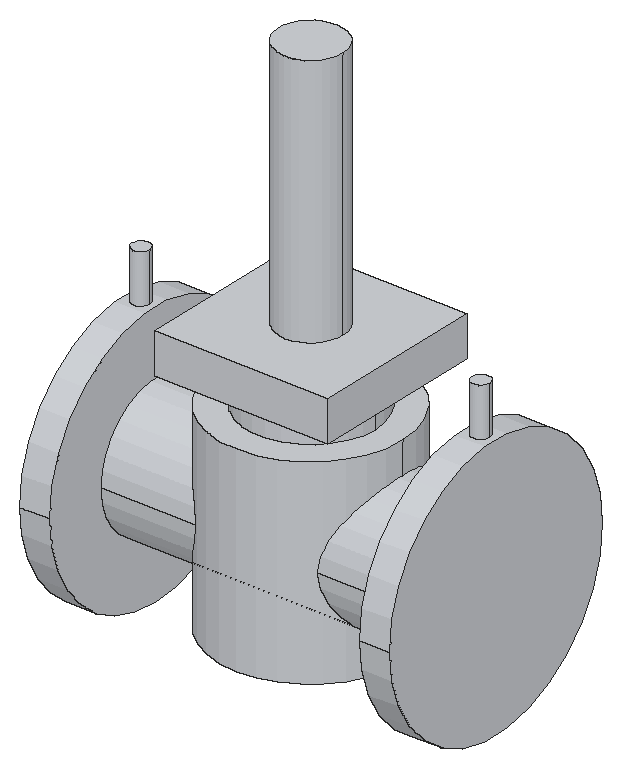
Revit family "OPTIMA_Compact_FLANGE_PN25_DN050-LF_RFA_2019", category Pipe Accessories, Revit 2019
Family settings
  Round Connector Dimension = Use Diameter
  Part Type = Valve - Breaks Into
  Work Plane-Based = No
  Always vertical = Yes
  Cut with Voids When Loaded = No
  Shared = No
Parameters (values of type "Optima Compact Flange PN25 DN050 LF")
  magiProductId = "Frese Optima Flange DN050 LF"
  magiProductFamilyId = "Frese Optima Flange *"
  magiPartTypeId = 304
  isMeasuringValve [instance] = no
  ang2D [instance] = 0.00°
  W2D = 50 mm
  VersionID = "2.0/2018.8.28.1/FRESE_OPTIMA_FLANGE_Q13_002"
  Use Minimum Symbol Size [instance] = yes
  URL = "www.hydronic.cz"
  Type Comments = "Přírubový; PN25; 0~120°C, s měřením"
  R4 = 40.3 mm
  R3 = 42.9 mm
  R1 = 57.5 mm
  QmdConnectorList = "301;D;302;D"
  Productdata [instance] = ""
  Manufacturer = "Hydronic Systems Prague s.r.o."
  MC Product Code = "53-1220 (DN50 LF; 20mm; pohon min 1000N; Qmin-dpmin 2500l/h-6.5kPa; Qmax-dpmin 15000l/h-20.0kPa; dpmax 800kPa)"
  MC Piping Given Pressure Drop [instance] = 0.0 Pa
  LF__ve = -LF  # -18.4 mm
  LF2 = 9.2 mm
  LF = 18.4 mm
  L4 = 108.1 mm
  L3 = 193.2 mm
  L2D_Min = 3048 mm
  L2D = 230 mm
  L2 = 115 mm
  H6 = 157.3 mm
  H4 = 24.8 mm
  H3 = 20.6 mm
  H2 = 61.9 mm
  H1 = 123.8 mm
  Description = "Tlakově nezávislý 2-cestný regulační vyvažovací ventil (PICV)"
  DF2 = 82.5 mm
  D = 50 mm
  CAT0 = yes
Types (14, lengths in mm): name | magiProductId | magiProductFamilyId | W2D | Type Comments | R4 | R3 | R1 | MC Product Code | LF__ve | LF2 | LF | L4 | L3 | L2D | L2 | H6 | H4 | H3 | H2 | H1 | DF2 | D
  Optima Compact Flange PN25 DN050 LF | "Frese Optima Flange DN050 LF" | "Frese Optima Flange *" | 50 | "Přírubový; PN25; 0~120°C, s měřením" | 40.3 | 42.9 | 57.5 | "53-1220 (DN50 LF; 20mm; pohon min 1000N; Qmin-dpmin 2500l/h-6.5kPa; Qmax-dpmin 15000l/h-20.0kPa; dpmax 800kPa)" | -18.4 | 9.2 | 18.4 | 108.1 | 193.2 | 230 | 115 | 157.3 | 24.8 | 20.6 | 61.9 | 123.8 | 82.5 | 50
  Optima Compact Flange PN25 DN050 HF | "Frese Optima Flange DN050 HF" | "Frese Optima Flange *" | 50 | "Přírubový; PN25; 0~120°C, s měřením" | 40.25 | 42.9 | 57.5 | "53-1230 (DN50 HF; 20mm; pohon min 1000N; Qmin-dpmin 3900l/h-19.0kPa; Qmax-dpmin 24000l/h-50.0kPa; dpmax 800kPa)" | -18.4 | 9.2 | 18.4 | 108.1 | 193.2 | 230 | 115 | 157.25 | 24.75 | 20.625 | 61.875 | 123.75 | 82.5 | 50
  Optima Compact Flange PN25 DN065 LF | "Frese Optima Flange DN065 LF" | "Frese Optima Flange *" | 50 | "Přírubový; PN25; 0~120°C, s měřením" | 50.75 | 48.1 | 72.5 | "53-1221 (DN65 LF; 20mm; pohon min 1000N; Qmin-dpmin 4400l/h-15.0kPa; Qmax-dpmin 25000l/h-25.0kPa; dpmax 800kPa)" | -23.2 | 11.6 | 23.2 | 136.3 | 243.6 | 230 | 145 | 171.25 | 27.75 | 23.125 | 69.375 | 138.75 | 92.5 | 65
  Optima Compact Flange PN25 DN065 HF | "Frese Optima Flange DN065 HF" | "Frese Optima Flange *" | 50 | "Přírubový; PN25; 0~120°C, s měřením" | 50.75 | 48.1 | 72.5 | "53-1231 (DN65 HF; 20mm; pohon min 1000N; Qmin-dpmin 6000l/h-30.0kPa; Qmax-dpmin 35000l/h-55.0kPa; dpmax 800kPa)" | -23.2 | 11.6 | 23.2 | 136.3 | 243.6 | 230 | 145 | 171.25 | 27.75 | 23.125 | 69.375 | 138.75 | 92.5 | 65
  Optima Compact Flange PN25 DN080 LF | "Frese Optima Flange DN080 LF" | "Frese Optima Flange *" | 50 | "Přírubový; PN25; 0~120°C, s měřením" | 54.25 | 52 | 77.5 | "53-1222 (DN80 LF; 20mm; pohon min 1000N; Qmin-dpmin 5300l/h-16.0kPa; Qmax-dpmin 34000l/h-25.0kPa; dpmax 800kPa)" | -24.8 | 12.4 | 24.8 | 145.7 | 260.4 | 230 | 155 | 183 | 30 | 25 | 75 | 150 | 100 | 80
  Optima Compact Flange PN25 DN080 HF | "Frese Optima Flange DN080 HF" | "Frese Optima Flange *" | 50 | "Přírubový; PN25; 0~120°C, s měřením" | 54.25 | 52 | 77.5 | "53-1232 (DN80 HF; 20mm; pohon min 1000N; Qmin-dpmin 7000l/h-23.0kPa; Qmax-dpmin 43000l/h-50.0kPa; dpmax 800kPa)" | -24.8 | 12.4 | 24.8 | 145.7 | 260.4 | 230 | 155 | 183 | 30 | 25 | 75 | 150 | 100 | 80
  Optima Compact Flange PN25 DN100 LF | "Frese Optima Flange DN100 LF" | "Frese Optima Flange *" | 50 | "Přírubový; PN25; 0~120°C, s měřením" | 61.25 | 61.1 | 87.5 | "53-1223 (DN100 LF; 40mm; pohon min 1000N; Qmin-dpmin 12100l/h-20.0kPa; Qmax-dpmin 68000l/h-35.0kPa; dpmax 800kPa)" | -28 | 14 | 28 | 164.5 | 294 | 230 | 175 | 268.75 | 35.25 | 29.375 | 88.125 | 176.25 | 117.5 | 100
  Optima Compact Flange PN25 DN100 HF | "Frese Optima Flange DN100 HF" | "Frese Optima Flange *" | 50 | "Přírubový; PN25; 0~120°C, s měřením" | 61.25 | 61.1 | 87.5 | "53-1233 (DN100 HF; 40mm; pohon min 1000N; Qmin-dpmin 14800l/h-30.0kPa; Qmax-dpmin 90000l/h-75.0kPa; dpmax 800kPa)" | -28 | 14 | 28 | 164.5 | 294 | 230 | 175 | 268.75 | 35.25 | 29.375 | 88.125 | 176.25 | 117.5 | 100
  Optima Compact Flange PN25 DN125 LF | "Frese Optima Flange DN125 LF" | "Frese Optima Flange *" | 50 | "Přírubový; PN25; 0~120°C, s měřením" | 70 | 70.2 | 100 | "53-1224 (DN125 LF; 40mm; pohon min 1000N; Qmin-dpmin 18500l/h-16.0kPa; Qmax-dpmin 110000l/h-35.0kPa; dpmax 800kPa)" | -32 | 16 | 32 | 188 | 336 | 230 | 200 | 275.5 | 40.5 | 33.75 | 101.25 | 202.5 | 135 | 125
  Optima Compact Flange PN25 DN125 HF | "Frese Optima Flange DN125 HF" | "Frese Optima Flange *" | 50 | "Přírubový; PN25; 0~120°C, s měřením" | 70 | 70.2 | 100 | "53-1234 (DN125 HF; 40mm; pohon min 1000N; Qmin-dpmin 23000l/h-27.0kPa; Qmax-dpmin 135000l/h-53.0kPa; dpmax 800kPa)" | -32 | 16 | 32 | 188 | 336 | 230 | 200 | 275.5 | 40.5 | 33.75 | 101.25 | 202.5 | 135 | 125
  Optima Compact Flange PN25 DN150 LF | "Frese Optima Flange DN150 LF" | "Frese Optima Flange *" | 50 | "Přírubový; PN25; 0~110°C, s měřením" | 84 | 74.1 | 120 | "53-1225 (DN150 LF; 43mm; pohon min 1500N; Qmin-dpmin 25600l/h-21.0kPa; Qmax-dpmin 148000l/h-35.0kPa; dpmax 800kPa)" | -38.4 | 19.2 | 38.4 | 225.6 | 403.2 | 230 | 240 | 279.25 | 42.75 | 35.625 | 106.875 | 213.75 | 142.5 | 150
  Optima Compact Flange PN25 DN150 HF | "Frese Optima Flange DN150 HF" | "Frese Optima Flange *" | 50 | "Přírubový; PN25; 0~110°C, s měřením" | 84 | 74.1 | 120 | "53-1235 (DN150 HF; 43mm; pohon min 1500N; Qmin-dpmin 32000l/h-33.0kPa; Qmax-dpmin 195000l/h-65.0kPa; dpmax 800kPa)" | -38.4 | 19.2 | 38.4 | 225.6 | 403.2 | 230 | 240 | 279.25 | 42.75 | 35.625 | 106.875 | 213.75 | 142.5 | 150
  Optima Compact Flange PN25 DN200 LF | "" | "" | 100 | "Přírubový; PN25; 0~110°C, s měřením" | 164.5 | 98.8 | 235 | "53-1226 (DN200 LF; 43mm; pohon min 1500N; Qmin-dpmin 95000l/h-11.0kPa; Qmax-dpmin 210000l/h-32.0kPa; dpmax 800kPa)" | -48 | 24 | 48 | 282 | 504 | 350 | 300 | 281 | 57 | 15 | 209 | 380 | 190 | 200
  Optima Compact Flange PN25 DN200 HF | "" | "" | 100 | "Přírubový; PN25; 0~110°C, s měřením" | 164.5 | 98.8 | 235 | "53-1236 (DN200 HF; 43mm; pohon min 1500N; Qmin-dpmin 130000l/h-31.0kPa; Qmax-dpmin 280000l/h-78.0kPa; dpmax 800kPa)" | -48 | 24 | 48 | 282 | 504 | 350 | 300 | 281 | 57 | 15 | 209 | 380 | 190 | 200
Reference planes
  plane 1 "Center (Front/Back)": y = 0
  plane 2 "XYPLANE": z = 0
  plane 3 "Center (Left/Right)": x = 0
  plane 4 "157": x = 105.8
  plane 5 "156": x = -105.8
  plane 6 "155": z = 82.5
  plane 7 "154": z = 107.3
  plane 8 "153": z = 82.5
  plane 9 "152": z = 61.9
  plane 10 "151": x = -96.6
  plane 11 "150": z = -61.9
  plane 12 "149": x = 0
  plane 13 "148": y = 0
  plane 14 "147": z = 0
  plane 15 "146": x = -115
  plane 16 "145": x = 115
Forms (mm)
  Extrusion 1, solid, visible <- "CAT0"
    sketch origin (-750, 0, 82.5) x (1, 0, 0) y (0, 1, 0)
      loop
        circle (855.8, 0) r 5.5
    from 0 to 30
  Extrusion 2, solid, visible <- "CAT0"
    sketch origin (-750, 0, 82.5) x (1, 0, 0) y (0, 1, 0)
      loop
        circle (644.2, 0) r 5.5
    from 0 to 30
  Extrusion 3, solid, visible <- "CAT0"
    sketch origin (-750, 0, 107.3) x (1, 0, 0) y (0, 1, 0)
      loop
        circle (750, 0) r 20
    from 0 to 157.3 <- "H6"
  Extrusion 4, solid, visible <- "CAT0"
    sketch origin (-750, 0, 82.5) x (1, 0, 0) y (0, 1, 0)
      loop
        line (804.05, 54.05) -> (695.95, 54.05) -> (695.95, -54.05) -> (804.05, -54.05) -> (804.05, 54.05)
    from 0 to 24.8 <- "H4"
  Extrusion 5, solid, visible <- "CAT0"
    sketch origin (-750, 0, 61.9) x (1, 0, 0) y (0, 1, 0)
      loop
        circle (750, 0) r 40.3
    from 0 to 20.6 <- "H3"
  Extrusion 6, solid, visible <- "CAT0"
    sketch origin (-96.6, -750, 0) x (0, 1, 0) y (0, 0, 1)
      loop
        circle (750, 0) r 42.9
    from 0 to 193.2 <- "L3"
  Extrusion 7, solid, visible <- "CAT0"
    sketch origin (-750, 0, -61.9) x (1, 0, 0) y (0, 1, 0)
      loop
        circle (750, 0) r 57.5
    from 0 to 123.8 <- "H1"
  Extrusion 8, solid, visible <- "CAT0"
    sketch origin (-115, -750, 0) x (0, 1, 0) y (0, 0, 1)
      loop
        circle (750, 0) r 82.5
    from 0 to 18.4 <- "LF"
  Extrusion 9, solid, visible <- "CAT0"
    sketch origin (115, -750, 0) x (0, 1, 0) y (0, 0, 1)
      loop
        circle (750, 0) r 82.5
    from 0 to -18.4 <- "LF__ve"
  Extrusion 10, solid, not visible
    sketch origin (-115, -750, 0) x (0, 1, 0) y (0, 0, 1)
      loop
        circle (750, 0) r 10
    from 0 to 10
  Extrusion 11, solid, not visible
    sketch origin (115, -750, 0) x (0, 1, 0) y (0, 0, 1)
      loop
        circle (750, 0) r 10
    from 0 to -10
Lines and regions (mm)
  reference lines, not visible
    curve 1: circle (2, 2, 0) r 1 normal (0, 0, 1)
  reference lines
    curve 2: circle (0, 0, 82.5) r 1 normal (0, 0, 1)
Dimensions and locks
  plane 1 "Center (Front/Back)" to curve 1 = 2 mm
  "LF2": plane 16 "145" to plane 4 "157"
  "LF2": plane 15 "146" to plane 5 "156"
  "DF2": plane 2 "XYPLANE" to plane 6 "155"
  "H4": plane 8 "153" to plane 7 "154"
  "H3": plane 9 "152" to plane 8 "153"
  "H1": plane 11 "150" to plane 9 "152"
  "LF": plane 15 "146" to plane 10 "151"
  "H2": plane 2 "XYPLANE" to plane 11 "150"
  locked: plane 3 "Center (Left/Right)" to plane 12 "149"
  locked: plane 1 "Center (Front/Back)" to plane 13 "148"
  locked: plane 2 "XYPLANE" to plane 14 "147"
  "L2": plane 3 "Center (Left/Right)" to plane 15 "146"
  "L2": plane 3 "Center (Left/Right)" to plane 16 "145"
  equal spacing: Extrusion 4 sketch curve, curve 2, Extrusion 4 sketch curve  (x2)
  "L4": Extrusion 4 sketch curve to Extrusion 4 sketch curve  (x2)
  Extrusion 4 sketch curve to Extrusion 4 sketch curve = 0 mm  (x8)
  "R4": radius of Extrusion 5 sketch curve
  "R3": radius of Extrusion 6 sketch curve
  "R1": radius of Extrusion 7 sketch curve
  "DF2": radius of Extrusion 8 sketch curve
  "DF2": radius of Extrusion 9 sketch curve
  aligned and locked: level to plane 2 "XYPLANE"
  aligned and locked: plane 4 "157" to Extrusion 1 sketch curve
  aligned and locked: plane 13 "148" to Extrusion 1 sketch curve
  aligned and locked: plane 5 "156" to Extrusion 2 sketch curve
  aligned and locked: plane 13 "148" to Extrusion 2 sketch curve
  aligned and locked: plane 12 "149" to Extrusion 3 sketch curve
  aligned and locked: plane 13 "148" to Extrusion 3 sketch curve
  aligned and locked: plane 12 "149" to curve 2
  aligned and locked: plane 13 "148" to curve 2
  aligned and locked: plane 12 "149" to Extrusion 5 sketch curve
  aligned and locked: plane 13 "148" to Extrusion 5 sketch curve
  aligned and locked: Extrusion 6 sketch curve to plane 13 "148"
  aligned and locked: plane 14 "147" to Extrusion 6 sketch curve
  aligned and locked: plane 12 "149" to Extrusion 7 sketch curve
  aligned and locked: plane 13 "148" to Extrusion 7 sketch curve
  aligned and locked: Extrusion 8 sketch curve to plane 13 "148"
  aligned and locked: plane 14 "147" to Extrusion 8 sketch curve
  aligned and locked: Extrusion 9 sketch curve to plane 13 "148"
  aligned and locked: plane 14 "147" to Extrusion 9 sketch curve
  aligned and locked: Extrusion 10 sketch curve to plane 13 "148"
  aligned and locked: plane 14 "147" to Extrusion 10 sketch curve
  aligned and locked: Extrusion 11 sketch curve to plane 13 "148"
  aligned and locked: plane 14 "147" to Extrusion 11 sketch curve
Automatic sketch dimensions
  Extrusion 1 sketch curve to plane 4 "157" = 5.5 mm
  plane 15 "146" to Extrusion 2 sketch curve = 3.7 mm
  Extrusion 3 sketch curve to plane 3 "Center (Left/Right)" = 20 mm
  plane 1 "Center (Front/Back)" to Extrusion 10 sketch curve = 10 mm
  plane 1 "Center (Front/Back)" to Extrusion 11 sketch curve = 10 mm
  plane 3 "Center (Left/Right)" to curve 1 = 2 mm
  plane 10 "151" to Extrusion 4 sketch curve = 42.55 mm
  plane 1 "Center (Front/Back)" to Extrusion 4 sketch curve = 54.05 mm
  radius of curve 2 = 1 mm
  radius of curve 1 = 1 mm
Connectors
  piping at (-115, 0, 0), diameter 50, driven by "D"
    settings: on Extrusion 10, index 1, connector inside diameter 609.6 mm, connector length 0 mm, flow factor 0, pipe flow 0.0 L/s, pressure drop 0.0 Pa, fitting loss kfactor 0, connector angle 0.00°, fixture units 0, engagement length 0 mm, angle of deflection 0.00°, flow configuration 0, flow direction 0, fitting loss method 0, system type 29, joint type 0, gender type 0, connector reference index 2, connector utility 0, adjustable connector no, is connector primary yes, connector description ""
  piping at (115, 0, 0), diameter 50, driven by "D"
    settings: on Extrusion 11, index 2, connector inside diameter 609.6 mm, connector length 0 mm, flow factor 0, pipe flow 0.0 L/s, pressure drop 0.0 Pa, fitting loss kfactor 0, connector angle 0.00°, fixture units 0, engagement length 0 mm, angle of deflection 0.00°, flow configuration 0, flow direction 0, fitting loss method 0, system type 29, joint type 0, gender type 0, connector reference index 1, connector utility 0, adjustable connector no, is connector primary no, connector description ""
